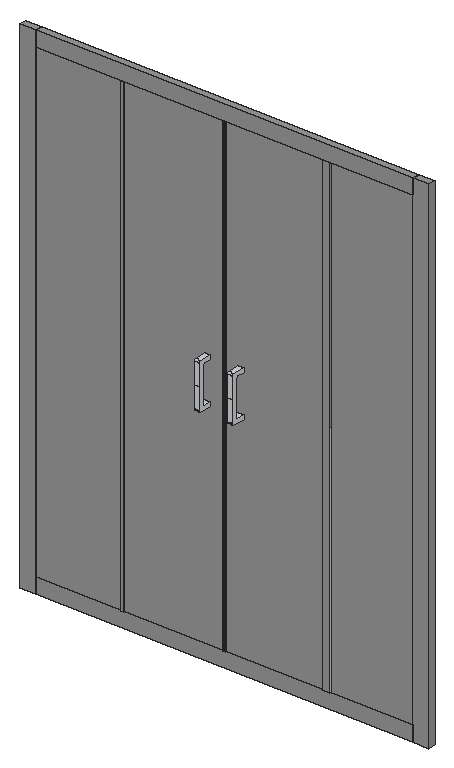
Revit family "MAMPARA CORREDERA CENTRAL STYLE 1500X1980", category Generic Models, Revit 2019
Family settings
  Can host rebar = No
  Round Connector Dimension = Use Diameter
  Part Type = Normal
  Work Plane-Based = No
  Always vertical = Yes
  Cut with Voids When Loaded = No
  Shared = No
  Room Calculation Point = No
Reference planes
  plane 1 "Center (Front/Back)": y = 0
  plane 2: z = 0
  plane 3 "Center (Left/Right)": x = 0
Forms (mm)
  Extrusion 1, solid
    sketch origin (0, 0, 0) x (1, 0, 0) y (0, 0, 1)
      loop
        line (0, 0) -> (60, 0) -> (60, 1980) -> (0, 1980) -> (0, 0)
      loop
        line (1600, 1980) -> (1540, 1980) -> (1540, 0) -> (1600, 0) -> (1600, 1980)
    from 0 to 30
  Extrusion 2, solid
    sketch origin (0, 0, 0) x (1, 0, 0) y (0, 0, 1)
      loop
        line (60, 1980) -> (60, 1920) -> (1540, 1920) -> (1540, 1980) -> (60, 1980)
      loop
        line (60, 0) -> (1540, 0) -> (1540, 60) -> (60, 60) -> (60, 0)
    from 0 to 30
  Extrusion 3, solid
    sketch origin (0, 0, 0) x (1, 0, 0) y (0, 0, 1)
      loop
        line (800, 60) -> (800, 1920) -> (795, 1920) -> (795, 60) -> (800, 60)
      loop
        line (1185, 60) -> (1215, 60) -> (1215, 990) -> (1215, 1920) -> (1185, 1920) -> (1185, 990) -> (1185, 60)
      loop
        line (395, 990) -> (395, 60) -> (405, 60) -> (405, 990) -> (405, 1920) -> (395, 1920) -> (395, 990)
    from 0 to 30
  Extrusion 4, solid
    sketch origin (0, 0, 0) x (1, 0, 0) y (0, 0, 1)
      loop
        line (800, 1920) -> (800, 60) -> (805, 60) -> (805, 1920) -> (800, 1920)
    from 0 to 30
  Extrusion 5, solid
    sketch origin (0, 0, 0) x (1, 0, 0) y (0, 0, 1)
      loop
        line (60, 1920) -> (60, 60) -> (1540, 60) -> (1540, 1920) -> (60, 1920)
    from 4.16 to 26.263
  Extrusion 6, solid
    sketch origin (0, 0, 0) x (0, 1, 0) y (0, 0, 1)
      loop
        line (-65, 990) -> (-65, 1060)
        arc (-65, 1060) -> (-63.536, 1063.536) -> (-60, 1065) r 5
        line (-60, 1065) -> (-30, 1065) -> (-30, 1080) -> (-75, 1080)
        arc (-75, 1080) -> (-78.536, 1078.536) -> (-80, 1075) r 5
        line (-80, 1075) -> (-80, 990) -> (-80, 905)
        arc (-80, 905) -> (-78.536, 901.464) -> (-75, 900) r 5
        line (-75, 900) -> (-30, 900) -> (-30, 915) -> (-60, 915)
        arc (-60, 915) -> (-63.536, 916.464) -> (-65, 920) r 5
        line (-65, 920) -> (-65, 990)
    from 725 to 745
  Extrusion 7, solid
    sketch origin (0, 0, 0) x (0, 1, 0) y (0, 0, 1)
      loop
        line (-65, 990) -> (-65, 1060)
        arc (-65, 1060) -> (-63.536, 1063.536) -> (-60, 1065) r 5
        line (-60, 1065) -> (-30, 1065) -> (-30, 1080) -> (-75, 1080)
        arc (-75, 1080) -> (-78.536, 1078.536) -> (-80, 1075) r 5
        line (-80, 1075) -> (-80, 990) -> (-80, 905)
        arc (-80, 905) -> (-78.536, 901.464) -> (-75, 900) r 5
        line (-75, 900) -> (-30, 900) -> (-30, 915) -> (-60, 915)
        arc (-60, 915) -> (-63.536, 916.464) -> (-65, 920) r 5
        line (-65, 920) -> (-65, 990)
    from 855 to 875
Dimensions and locks
  aligned and locked: level to plane 2
